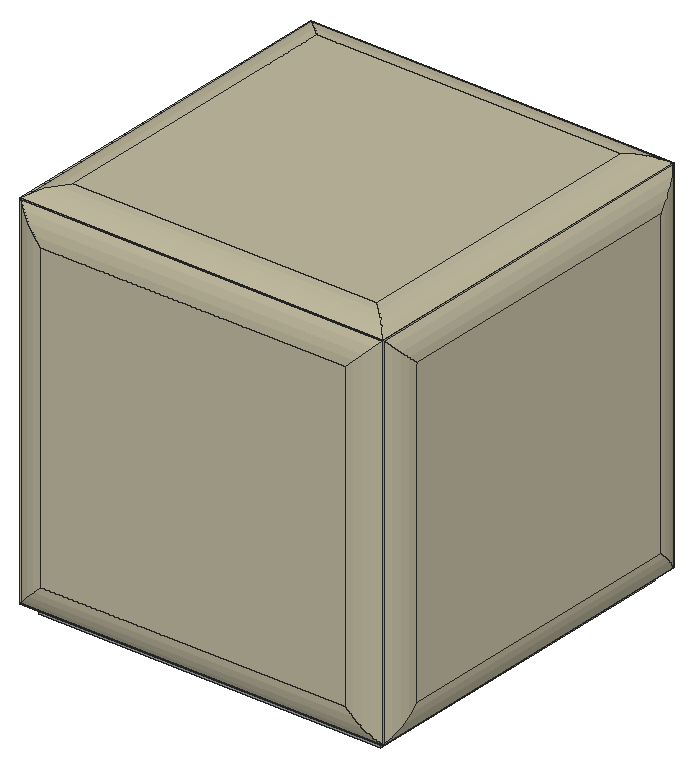
Revit family
Parameters
  URL = "http://www.martinbrattrud.com"
  SCS Certified Product = "Yes"
  Model = "Q-Bitz 3255-02S"
  Manufacturer = "Martin Brattrud, Inc."
  Leg [instance] = none
  Keynote = "125000"
  Copyright = "© 2013 Martin Brattrud, Inc."
  Upholstery [instance] = none
  Foot [instance] = none
  Authoring Version = "Revit Architecture 2010"
  Assembly Code = "E2020200"
Reference planes (in)
  plane 1 "Center Front/Back": y = 0
  plane 2: z = 0
  plane 3 "Center Left/Right": x = 0
Forms (in)
  Revolve 1, solid, material <- "Foot"
    sketch origin (-6.92489, -6.875, 0) x (0, 1, 0) y (0, 0, 1)
      loop
        line (-0.2498, 0) -> (0, 0) -> (0, 0.25) -> (-0.375, 0.25) -> (-0.375, 0.1252)
        arc (-0.375, 0.1252) -> (-0.33833, 0.03667) -> (-0.2498, 0) r 0.1252
      axis (0, 0.25) -> (0, 0)
    angle from 0 to 360
  Revolve 2, solid, material <- "Foot"
    sketch origin (-6.92489, 6.875, 0) x (0, 1, 0) y (0, 0, 1)
      loop
        line (-0.2498, 0) -> (0, 0) -> (0, 0.25) -> (-0.375, 0.25) -> (-0.375, 0.1252)
        arc (-0.375, 0.1252) -> (-0.33833, 0.03667) -> (-0.2498, 0) r 0.1252
      axis (0, 0.25) -> (0, 0)
    angle from 0 to 360
  Extrusion 3, solid, material <- "Leg"
    sketch origin (0, 0, 0) x (1, 0, 0) y (0, 1, 0)
      loop
        line (-8.25, 8.25) -> (-8.25, -8.25) -> (8.25, -8.25) -> (8.25, 8.25) -> (-8.25, 8.25)
    from 0.25 to 0.75
  Revolve 4, solid, material <- "Foot"
    sketch origin (6.92489, -6.875, 0) x (0, 1, 0) y (0, 0, -1)
      loop
        arc (-0.2498, 0) -> (-0.33833, -0.03667) -> (-0.375, -0.1252) r 0.1252
        line (-0.375, -0.1252) -> (-0.375, -0.25) -> (0, -0.25) -> (0, 0) -> (-0.2498, 0)
      axis (0, -0.25) -> (0, 0)
    angle from 0 to 360
  Revolve 5, solid, material <- "Foot"
    sketch origin (6.92489, 6.875, 0) x (0, 1, 0) y (0, 0, -1)
      loop
        arc (-0.2498, 0) -> (-0.33833, -0.03667) -> (-0.375, -0.1252) r 0.1252
        line (-0.375, -0.1252) -> (-0.375, -0.25) -> (0, -0.25) -> (0, 0) -> (-0.2498, 0)
      axis (0, -0.25) -> (0, 0)
    angle from 0 to 360
  Extrusion 6, solid, material <- "Upholstery"
    sketch origin (-20.76106, 0, -0.03125) x (0, 1, 0) y (0, 0, 1)
      loop
        line (-8.75, 18.28125) -> (-8.75, 0.78125) -> (8.75, 0.78125) -> (8.75, 18.28125) -> (-8.75, 18.28125)
    from 29.51106 to 12.01106
  Sweep 7, solid, material <- "Upholstery"
    path in 3D
      loop
        line (-8.75, -8.75, 18.25) -> (-8.75, 8.75, 18.25) -> (8.75, 8.75, 18.25) -> (8.75, -8.75, 18.25) -> (-8.75, -8.75, 18.25)
    profile origin (0, -8.75, 18.25) x (0, -1, 0) y (0, 0, 1)
      loop
        line (-7.40625, 0) -> (-0.03125, 0)
        arc (-0.03125, 0) -> (-0.67471, 0.37112) -> (-1.40625, 0.5) r 2.14062
        line (-1.40625, 0.5) -> (-7.40625, 0.5) -> (-7.40625, 0)
  Extrusion 8, solid, material <- "Upholstery"
    sketch origin (0, 0, 0) x (0, 1, 0) y (0, 0, 1)
      loop
        line (1.34375, 18.25) -> (1.34375, 18.75) -> (-1.34375, 18.75) -> (-1.34375, 18.25) -> (1.34375, 18.25)
    from -1.34375 to 1.34375
  Sweep 9, solid, material <- "Upholstery"
    path in 3D
      loop
        line (-8.75, 8.75, 18.25) -> (-8.75, 8.75, 0.75) -> (8.75, 8.75, 0.75) -> (8.75, 8.75, 18.25) -> (-8.75, 8.75, 18.25)
    profile origin (0, 8.75, 18.25) x (0, -1, 0) y (0, 0, 1)
      loop
        line (0, -7.40625) -> (0, -0.03125)
        arc (0, -0.03125) -> (-0.37112, -0.67471) -> (-0.5, -1.40625) r 2.14062
        line (-0.5, -1.40625) -> (-0.5, -7.40625) -> (0, -7.40625)
      loop
        line (17.5, -7.40625) -> (18, -7.40625) -> (18, -1.40625)
        arc (18, -1.40625) -> (17.87112, -0.67471) -> (17.5, -0.03125) r 2.14062
        line (17.5, -0.03125) -> (17.5, -7.40625)
  Extrusion 10, solid, material <- "Upholstery"
    sketch origin (0, -9.5, 9.5) x (0, 0, -1) y (0, 1, 0)
      loop
        line (1.34375, 18.25) -> (1.34375, 18.75) -> (-1.34375, 18.75) -> (-1.34375, 18.25) -> (1.34375, 18.25)
    from -1.34375 to 1.34375
  Extrusion 11, solid, material <- "Upholstery"
    sketch origin (0, 9.5, 9.5) x (0, 0, -1) y (0, 1, 0)
      loop
        line (1.34375, -18.25) -> (-1.34375, -18.25) -> (-1.34375, -18.75) -> (1.34375, -18.75) -> (1.34375, -18.25)
    from -1.34375 to 1.34375
  Sweep 12, solid, material <- "Upholstery"
    path in 3D
      loop
        line (-8.75, -8.75, 18.25) -> (-8.75, -8.75, 0.75) -> (-8.75, 8.75, 0.75) -> (-8.75, 8.75, 18.25) -> (-8.75, -8.75, 18.25)
    profile origin (-8.75, 0, 18.25) x (1, 0, 0) y (0, 0, 1)
      loop
        line (0, -7.40625) -> (0, -0.03125)
        arc (0, -0.03125) -> (-0.37112, -0.67471) -> (-0.5, -1.40625) r 2.14062
        line (-0.5, -1.40625) -> (-0.5, -7.40625) -> (0, -7.40625)
      loop
        line (17.5, -7.40625) -> (18, -7.40625) -> (18, -1.40625)
        arc (18, -1.40625) -> (17.87112, -0.67471) -> (17.5, -0.03125) r 2.14062
        line (17.5, -0.03125) -> (17.5, -7.40625)
  Extrusion 13, solid, material <- "Upholstery"
    sketch origin (9.5, 0, 9.5) x (0, 0, -1) y (-1, 0, 0)
      loop
        line (1.34375, 18.25) -> (1.34375, 18.75) -> (-1.34375, 18.75) -> (-1.34375, 18.25) -> (1.34375, 18.25)
    from -1.34375 to 1.34375
  Extrusion 14, solid, material <- "Upholstery"
    sketch origin (-9.5, 0, 9.5) x (0, 0, -1) y (-1, 0, 0)
      loop
        line (1.34375, -18.25) -> (-1.34375, -18.25) -> (-1.34375, -18.75) -> (1.34375, -18.75) -> (1.34375, -18.25)
    from -1.34375 to 1.34375
Cuts and joins
  joined: Sweep 12, Extrusion 13, Extrusion 14
  joined: Sweep 9, Extrusion 10, Extrusion 11
  joined: Sweep 7, Extrusion 8
Lines and regions (in)
  sketch lines
    curve 1: line (8.75, -8.75, 18.25) -> (-8.75, -8.75, 18.25)
    curve 2: line (-8.75, -8.75, 18.25) -> (-8.75, 8.75, 18.25)
    curve 3: line (8.75, 8.75, 18.25) -> (-8.75, 8.75, 18.25)
    curve 4: line (8.75, 8.75, 18.25) -> (8.75, -8.75, 18.25)
    curve 5: line (8.75, 8.75, 18.25) -> (-8.75, 8.75, 18.25)
    curve 6: line (-8.75, 8.75, 18.25) -> (-8.75, 8.75, 0.75)
    curve 7: line (8.75, 8.75, 0.75) -> (-8.75, 8.75, 0.75)
    curve 8: line (8.75, 8.75, 0.75) -> (8.75, 8.75, 18.25)
    curve 9: line (-8.75, 8.75, 18.25) -> (-8.75, -8.75, 18.25)
    curve 10: line (-8.75, -8.75, 18.25) -> (-8.75, -8.75, 0.75)
    curve 11: line (-8.75, 8.75, 0.75) -> (-8.75, -8.75, 0.75)
    curve 12: line (-8.75, 8.75, 0.75) -> (-8.75, 8.75, 18.25)
